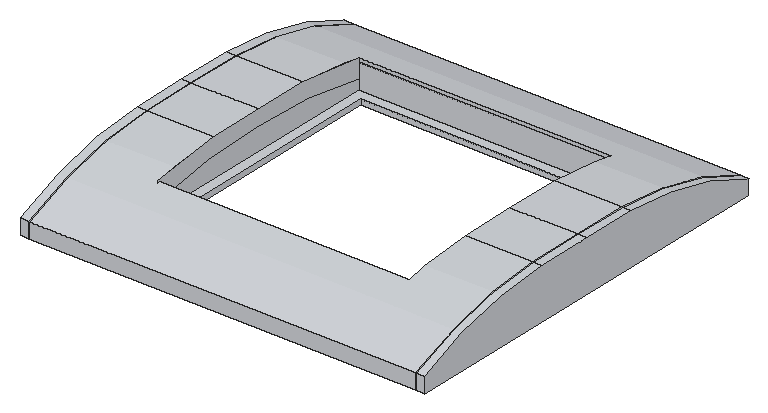
Revit family "Gira_021171", category Electrical Fixtures, host Face, Revit 2017
Family settings
  Host = Face
  Maintain Annotation Orientation = No
  Round Connector Dimension = Use Diameter
  Part Type = Normal
  Cut with Voids When Loaded = No
  Shared = No
  Room Calculation Point = No
Parameters (values of type "Cov.fr. 1-g interm.fr. CAl Gira Event p.white m")
  With mounting grid = "No"
  With hinged lid = "No"
  URL = "http://katalog.gira.de/en/datenblatt.html?artikelnr=021171"
  Type of fastening = "Clamp mounting"
  Transparent = "No"
  Surface protection = "Other"
  Suitable for wall duct = "No"
  Suitable for flush-mounted installation = "Yes"
  Suitable for floor box = "No"
  Suitable for built-in installation = "No"
  Number of units vertical = "1"
  Number of units horizontal = "1"
  Number of units = "1"
  Name = "Cov.fr. 1-g interm.fr. CAl Gira Event p.white m"
  Mounting direction = "Horizontal and vertical"
  Material quality = "Thermoplastic"
  Material = "Plastic"
  Manufacturer URL = "https://www.gira.de/"
  Manufacturer = "Gira"
  Label space/information surface = "No"
  Keynote = ""
  HeinzeBIM = "https://bimportal.heinze.de/bim/cov-fr-1-g-interm-fr-cal-gira-event-p-white-m/036c7d6e9e4e5d44e5ad7e4e570318e6bf12a1b6"
  Halogen free = "Yes"
  HAN = "021171"
  GTIN = "4010337211716"
  Description = "Cov.fr.1g i.fr.CAl Event PWm,Gira Event frames,pure white matt with colour aluminium intermediate frame,1-gang,Features:,- Shatter-proof."
  Degree of protection (IP) = "IP20"
  Default Elevation = 1219.2 mm
  Data sheet (1) = "https://katalog.gira.de/en/download.html?artikelnr=021171"
  Colour = "White"
  Category = "Cover frame for domestic switching devices"
  BIM (1) = "https://media.stage.bim.site/public/gira/36a6b08/Event_Rahmen_1fach.rfa"
  Available = "No"
Reference planes
  plane 1 "Center (Front/Back)": y = 0
  plane 2: z = 0
  plane 3 "Center (Left/Right)": x = 0
Forms (mm)
  Extrusion 1, solid, detail levels fine
    sketch origin (0, 0, 1.55) x (0, 1, 0) y (0, 0, 1)
      loop
        arc (12.445, 9.683) -> (6.223, 9.833) -> (0, 9.85) r 291.636
        arc (0, 9.85) -> (-6.223, 9.833) -> (-12.445, 9.683) r 291.636
        arc (-12.445, 9.683) -> (-29.14, 7.482) -> (-45, 1.823) r 79.728
        line (-45, 1.823) -> (-45, -1.55) -> (-41.777, -1.55) -> (-41.777, -0.55)
        arc (-41.777, -0.55) -> (-21.205, 4.846) -> (0, 6.467) r 118.15
        arc (0, 6.467) -> (21.205, 4.846) -> (41.777, -0.55) r 118.15
        line (41.777, -0.55) -> (41.777, -1.55) -> (45, -1.55) -> (45, 1.823)
        arc (45, 1.823) -> (29.14, 7.482) -> (12.445, 9.683) r 79.728
    from -43 to 43
  Extrusion 2, void, detail levels fine
    sketch origin (0, 0, 0) x (1, 0, 0) y (0, 1, 0)
      loop
        line (-28, -28) -> (28, -28) -> (28, 28) -> (-28, 28) -> (-28, -28)
    from 2.85 to 12
  Extrusion 3, solid, detail levels coarse
    sketch origin (0, 0, 0) x (1, 0, 0) y (0, 1, 0)
      loop
        line (-45, 45) -> (-45, -45) -> (45, -45) -> (45, 45) -> (-45, 45)
    from 0 to 11.4
  Extrusion 4, solid, detail levels medium
    sketch origin (0, 0, 1.55) x (0, 1, 0) y (0, 0, 1)
      loop
        arc (12.445, 9.683) -> (6.223, 9.833) -> (0, 9.85) r 291.636
        arc (0, 9.85) -> (-6.223, 9.833) -> (-12.445, 9.683) r 291.636
        arc (-12.445, 9.683) -> (-29.14, 7.482) -> (-45, 1.823) r 79.728
        line (-45, 1.823) -> (-45, -1.55) -> (45, -1.55) -> (45, 1.823)
        arc (45, 1.823) -> (29.14, 7.482) -> (12.445, 9.683) r 79.728
    from -45 to 45
  Extrusion 5, solid, detail levels fine
    sketch origin (0, 0, 0) x (0, 1, 0) y (0, 0, 1)
      loop
        arc (45, 3.373) -> (29.14, 9.032) -> (12.445, 11.233) r 79.728
        arc (12.445, 11.233) -> (6.223, 11.383) -> (0, 11.4) r 291.636
        arc (0, 11.4) -> (-6.223, 11.383) -> (-12.445, 11.233) r 291.636
        arc (-12.445, 11.233) -> (-29.14, 9.032) -> (-45, 3.373) r 79.728
        line (-45, 3.373) -> (-45, 0) -> (45, 0) -> (45, 3.373)
    from 43 to 45
  Extrusion 6, solid, detail levels fine
    sketch origin (0, 0, 0) x (0, 1, 0) y (0, 0, -1)
      loop
        line (45, -3.373) -> (45, 0) -> (-45, 0) -> (-45, -3.373)
        arc (-45, -3.373) -> (-29.14, -9.032) -> (-12.445, -11.233) r 79.728
        arc (-12.445, -11.233) -> (-6.223, -11.383) -> (0, -11.4) r 291.636
        arc (0, -11.4) -> (6.223, -11.383) -> (12.445, -11.233) r 291.636
        arc (12.445, -11.233) -> (29.14, -9.032) -> (45, -3.373) r 79.728
    from 43 to 45
  Extrusion 7, solid, detail levels fine
    sketch origin (0, 0, 0) x (1, 0, 0) y (0, 1, 0)
      loop
        line (-25.7, 25.7) -> (-25.7, -25.7) -> (25.7, -25.7) -> (25.7, 25.7) -> (-25.7, 25.7)
      loop
        line (-29.495, 27.895) -> (-29.495, -27.895)
        spline (-29.495, -27.895) -> (-29.486, -28.025) -> (-29.461, -28.154) -> (-29.419, -28.278) -> (-29.361, -28.395) -> (-29.288, -28.504) -> (-29.202, -28.602) -> (-29.104, -28.688) -> (-28.995, -28.761) -> (-28.878, -28.819) -> (-28.754, -28.861) -> (-28.625, -28.886) -> (-28.495, -28.895)
        line (-28.495, -28.895) -> (28.495, -28.895)
        spline (28.495, -28.895) -> (28.625, -28.886) -> (28.754, -28.861) -> (28.878, -28.819) -> (28.995, -28.761) -> (29.104, -28.688) -> (29.202, -28.602) -> (29.288, -28.504) -> (29.361, -28.395) -> (29.419, -28.278) -> (29.461, -28.154) -> (29.486, -28.025) -> (29.495, -27.895)
        line (29.495, -27.895) -> (29.495, 27.895)
        spline (29.495, 27.895) -> (29.486, 28.025) -> (29.461, 28.154) -> (29.419, 28.278) -> (29.361, 28.395) -> (29.288, 28.504) -> (29.202, 28.602) -> (29.104, 28.688) -> (28.995, 28.761) -> (28.878, 28.819) -> (28.754, 28.861) -> (28.625, 28.886) -> (28.495, 28.895)
        line (28.495, 28.895) -> (-28.495, 28.895)
        spline (-28.495, 28.895) -> (-28.625, 28.886) -> (-28.754, 28.861) -> (-28.878, 28.819) -> (-28.995, 28.761) -> (-29.104, 28.688) -> (-29.202, 28.602) -> (-29.288, 28.504) -> (-29.361, 28.395) -> (-29.419, 28.278) -> (-29.461, 28.154) -> (-29.486, 28.025) -> (-29.495, 27.895)
    from 1.673 to 8.5
Cuts and joins
  Extrusion 2 cuts Extrusion 1
  Extrusion 2 cuts Extrusion 7
Dimensions and locks
  aligned and locked: plane 2 to host face
  aligned and locked: level to host face
